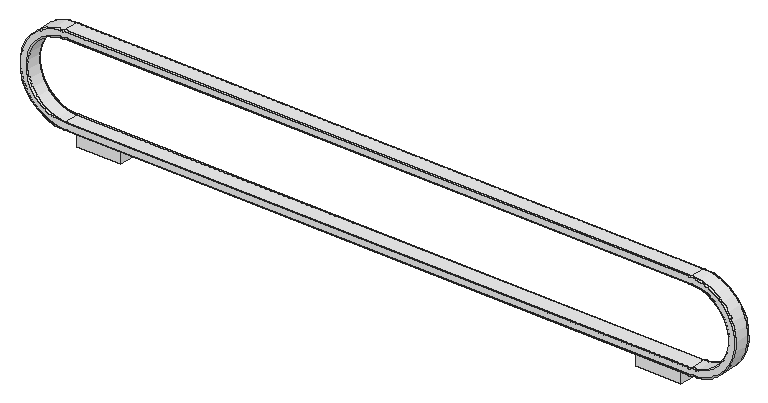
Revit family "Towel_Bar-Grohe-Defined-40971_Series", category Specialty Equipment, host Face, Revit 2019
Family settings
  Host = Face
  Round Connector Dimension = Use Diameter
  Part Type = Normal
  OmniClass Number = 23.40.20.21.27
  OmniClass Title = Towel Bars
  Cut with Voids When Loaded = No
  Shared = Yes
  Room Calculation Point = No
Parameters (values of type "40971000")
  Width = 24"  # constant formula
  URL = "https://www.grohe.us"
  Type Comments = ""
  Revised Date = "06/07/2023"  # constant formula
  Product Page URL = "https://www.grohe.us/Towel-Bars/24-Inch-Towel-Bar/GROHE-CHROME-40971000"
  Product Documentation Link = "https://americanstandard.box.com/shared/static/osef1g2vqdfqa6fzl037qa85utwsqz9e.pdf"
  Model = "40971000"
  Material = "Metal-Grohe-000-Starlight Chrome"
  Manufacturer = "Grohe"  # constant formula
  Length = 3 3/8"  # constant formula
  Installation Type = "Wall Mounted"  # constant formula
  Height = 9/16"  # constant formula
  Finish = Metal-Grohe-000-Starlight Chrome
  Description = "DEFINED 24” Towel Bar Starlight Chrome"
  Default Elevation = 40"  # constant formula
  Creation Date = "03/04/2019"  # constant formula
  CalGreen Compliant = yes
  Assembly Code = "C1030200"
Types (2): name | Product Page URL | Model | Material | Finish | Description
  40971000 | "https://www.grohe.us/Towel-Bars/24-Inch-Towel-Bar/GROHE-CHROME-40971000" | "40971000" | "Metal-Grohe-000-Starlight Chrome" | Metal-Grohe-000-Starlight Chrome | "DEFINED 24” Towel Bar Starlight Chrome"
  40971EN0 | "https://www.grohe.us/Towel-Bars/24-Inch-Towel-Bar/GROHE-BRUSHED-NICKEL-40971EN0" | "40971EN0" | "Metal-Grohe-EN0-Brushed Nickel" | Metal-Grohe-EN0-Brushed Nickel | "DEFINED 24” Towel Bar Brushed Nickel"
Reference planes (in)
  plane 1 "Center (Front/Back)": y = 0
  plane 2: z = 0
  plane 3 "Center (Left/Right)": x = 0
  plane 4: x = 12
  plane 5: x = -12
  plane 6: z = 3.375
  plane 7: z = 1.9375
  plane 8: z = 0.5
  plane 9: x = 9.375
  plane 10: x = -9.375
  plane 11: y = -0.28125
  plane 12: y = 0.28125
Forms (in)
  Sweep 1, solid, material "Metal-Grohe-000-Starlight Chrome" <- "Finish"
    path origin (0, 0, 0) x (1, 0, 0) y (0, 0, 1)
      loop
        line (10.49936, 3.25) -> (-10.4996, 3.25)
        arc (-10.4996, 3.25) -> (-11.8746, 1.875) -> (-10.4996, 0.5) r 1.375
        line (-10.4996, 0.5) -> (10.49936, 0.5)
        arc (10.49936, 0.5) -> (11.87436, 1.875) -> (10.49936, 3.25) r 1.375
    profile origin (-0.00012, 0, 3.25) x (0, 0, -1) y (0, -1, 0)
      loop
        arc (-0.125, -0.25) -> (-0.11585, -0.2721) -> (-0.09375, -0.28125) r 0.03125
        line (-0.09375, -0.28125) -> (0.09375, -0.28125)
        arc (0.09375, -0.28125) -> (0.11585, -0.2721) -> (0.125, -0.25) r 0.03125
        line (0.125, -0.25) -> (0.125, 0.25)
        arc (0.125, 0.25) -> (0.11585, 0.2721) -> (0.09375, 0.28125) r 0.03125
        line (0.09375, 0.28125) -> (-0.09375, 0.28125)
        arc (-0.09375, 0.28125) -> (-0.11585, 0.2721) -> (-0.125, 0.25) r 0.03125
        line (-0.125, 0.25) -> (-0.125, -0.25)
  Extrusion 2, solid, material "Metal-Grohe-000-Starlight Chrome" <- "Finish"
    sketch origin (-12.32412, 0, 0) x (0, 1, 0) y (0, 0, 1)
      loop
        line (-0.25, 0.375) -> (-0.25, 0) -> (0.25, 0) -> (0.25, 0.375) -> (-0.25, 0.375)
    from 2.2201 to 3.67814
  Extrusion 3, solid, material "Metal-Grohe-000-Starlight Chrome" <- "Finish"
    sketch origin (0.75, 0, 0) x (0, 1, 0) y (0, 0, 1)
      loop
        line (-0.25, 0.375) -> (-0.25, 0) -> (0.25, 0) -> (0.25, 0.375) -> (-0.25, 0.375)
    from 7.875 to 9.375
Lines and regions (in)
  Masking region 1
    outline origin (0, 0, 0) x (1, 0, 0) y (0, 0, 1)
      loop
        arc (10.60768, 0.625) -> (11.74872, 1.8695) -> (10.61979, 3.125) r 1.25584
        line (10.61979, 3.125) -> (-10.61979, 3.125)
        arc (-10.61979, 3.125) -> (-11.75321, 1.86948) -> (-10.60768, 0.625) r 1.25538
        line (-10.60768, 0.625) -> (10.60768, 0.625)
      loop
        line (10.64145, 3.375) -> (-10.64145, 3.375)
        arc (-10.64145, 3.375) -> (-12.00067, 1.86997) -> (-10.63039, 0.375) r 1.50671
        line (-10.63039, 0.375) -> (-10.10402, 0.375) -> (-10.10402, 0) -> (-8.64598, 0) -> (-8.64598, 0.375) -> (8.625, 0.375) -> (8.625, 0) -> (10.125, 0) -> (10.125, 0.375) -> (10.63039, 0.375)
        arc (10.63039, 0.375) -> (11.99897, 1.86998) -> (10.64145, 3.375) r 1.50689
  symbolic lines, detail levels fine
    curve 1: line (-8.64598, 0, 0.375) -> (-10.10402, 0, 0.375)
    curve 2: line (10.125, 0, 0.375) -> (8.625, 0, 0.375)
Dimensions and locks (in)
  equal spacing: plane 5, plane 3 "Center (Left/Right)", plane 4
  "Width": plane 5 to plane 4
  plane 6 to level = 3 3/8"
  "Length": host face to plane 6
  equal spacing: plane 8, plane 7, plane 6
  locked: level to plane 8 at 0.5
  locked: plane 6 to Sweep 1 sketch curve at 0.125
  equal spacing: plane 10, plane 3 "Center (Left/Right)", plane 9
  plane 10 to plane 9 = 18 3/4"
  locked: Extrusion 2 sketch curve to Extrusion 2 sketch curve at 0.5
  Extrusion 2 to Extrusion 2 = 1.45804"
  locked: Extrusion 2 to Extrusion 2 at 1.45804
  locked: Extrusion 3 sketch curve to Extrusion 3 sketch curve at 0.5
  Extrusion 3 to Extrusion 3 = 1 1/2"
  plane 12 to plane 11 = 9/16"
  aligned and locked: plane 2 to host face
  aligned and locked: level to host face
  aligned and locked: Masking region 1 sketch curve to Sweep 1  (x3)
  aligned and locked: Sweep 1 sketch curve to plane 8
  aligned and locked: curve 1 to Extrusion 2
  aligned and locked: Extrusion 2 to curve 1
  aligned and locked: curve 2 to Extrusion 3
  aligned and locked: Extrusion 3 to curve 2
Automatic sketch dimensions
  plane 8 to curve 1 = 1/8"
  plane 8 to curve 2 = 1/8"
  host sketch curve to host sketch curve = 96"  (x2)
  Sweep 1 sketch curve to plane 10 = 1.1246"
  Sweep 1 sketch curve to plane 9 = 1.12436"
  profile plane to Sweep 1 sketch curve = 1/8"
  Sweep 1 sketch curve to Sweep 1 sketch curve = 1/32"  (x3)
  Sweep 1 sketch curve to profile plane = 3/32"  (x2)
  Sweep 1 sketch curve to plane 1 "Center (Front/Back)" = 9/32"
  plane 1 "Center (Front/Back)" to Sweep 1 sketch curve = 1/4"
  Extrusion 2 sketch curve to level = 0"
  plane 1 "Center (Front/Back)" to Extrusion 2 sketch curve = 1/4"
  plane 8 to Extrusion 2 sketch curve = 1/8"
  Extrusion 3 sketch curve to level = 0"
  plane 1 "Center (Front/Back)" to Extrusion 3 sketch curve = 1/4"
  plane 8 to Extrusion 3 sketch curve = 1/8"
  Masking region 1 sketch curve to level = 0"  (x2)
  plane 9 to Masking region 1 sketch curve = 3/4"
  plane 8 to Masking region 1 sketch curve = 1/8"
  plane 10 to Masking region 1 sketch curve = 0.72902"
  Masking region 1 sketch curve to plane 10 = 0.72902"
  Masking region 1 sketch curve to plane 7 = 0.06198"
  Masking region 1 sketch curve to plane 10 = 1.11897"
  Masking region 1 sketch curve to Masking region 1 sketch curve = 0.00388"
  Masking region 1 sketch curve to Masking region 1 sketch curve = 0.50366"
  Masking region 1 sketch curve to plane 10 = 1.24479"
  Masking region 1 sketch curve to Masking region 1 sketch curve = 0.02271"  (x2)
  Masking region 1 sketch curve to Masking region 1 sketch curve = 0.02165"  (x2)
  Masking region 1 sketch curve to plane 9 = 3/4"
  Masking region 1 sketch curve to plane 7 = 0.06197"
  Masking region 1 sketch curve to plane 9 = 1.11709"
  Masking region 1 sketch curve to Masking region 1 sketch curve = 0.0008"
  Masking region 1 sketch curve to Masking region 1 sketch curve = 0.48268"
  Masking region 1 sketch curve to plane 9 = 1.24479"
